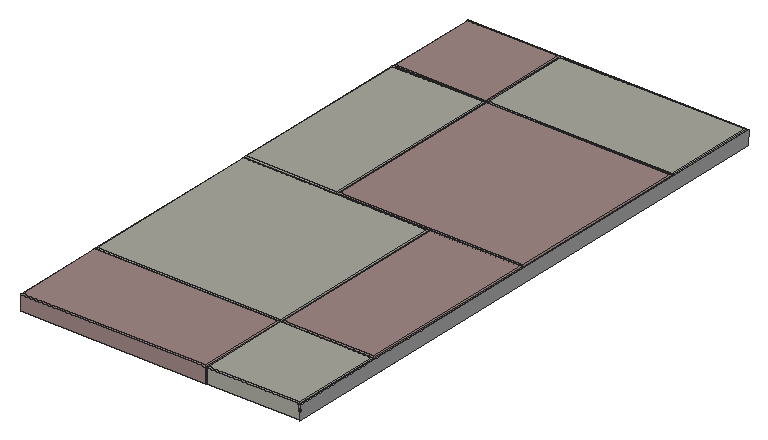
Revit family "06f6e152-8e81-4660-b922-8700d7fc0c3d", category Site, Revit 2016
Family settings
  Part Type = Normal
  Round Connector Dimension = Use Diameter
  Work Plane-Based = No
  Always vertical = Yes
  Cut with Voids When Loaded = No
  Shared = No
Parameters (values of type "1400 Color Option 3")
  URL = "stepstoneinc.com"
  Surface Finish = "Integral"  # constant formula
  Subcategory = "CalArc Pavers"  # constant formula
  Revit Object Download Link = "http://library.smartbim.com/download/Paver-Assembly-Calarc_Pavers-Stepstone-Small-Ashlar_Pattern-3"
  Product Page URL = "http://www.stepstoneinc.com/pavers-calarc-sizes.php"
  Paver C Pattern = Concrete - Stepstone - Almond1406
  Paver Block B = no
  Paver Block A = yes
  Paver B Pattern = Concrete - Stepstone - Almond1406
  Paver A Pattern = Concrete - Stepstone - Brick1416
  Model = "Small Ashlar Pattern"  # constant formula
  Manufacturer Toll Free Phone = "800.572.9029"  # constant formula
  Manufacturer Phone = "310.327.7474"  # constant formula
  Manufacturer Fax = "310.217.1424"  # constant formula
  Manufacturer Email = "mailto:sales@stepstoneinc.com"
  Manufacturer Address = "13242 S Figueroa St, Los Angeles 90061"  # constant formula
  Manufacturer = "Stepstone, Inc"  # constant formula
  Description = "Small Ashlar Pattern Guide"  # constant formula
  95 CSI = ""
  04 CSI = ""
Types (8): name | Paver C Pattern | Paver Block B | Paver B Pattern | Paver A Pattern
  (no name) | Concrete - Stepstone - Granada1801 | yes | Concrete - Stepstone - Granada1801 | Concrete - Stepstone - Almond1806
  1800 Color Option 3 | Concrete - Stepstone - French1804 | yes | Concrete - Stepstone - Porcelain1813 | Concrete - Stepstone - Granada1801
  1800 Color Option 1 | Concrete - Stepstone - Granada1801 | yes | Concrete - Stepstone - Granada1801 | Concrete - Stepstone - Almond1806
  1800 Color Option 2 | Concrete - Stepstone - Almond1806 | no | Concrete - Stepstone - Almond1806 | Concrete - Stepstone - Iceberg1805
  1800 Color Option 4 | Concrete - Stepstone - Granada1801 | yes | Concrete - Stepstone - Iceberg1805 | Concrete - Stepstone - Pebble 1824
  1400 Color Option 1 | Concrete - Stepstone - Caramel1410 | yes | Concrete - Stepstone - Granada1401 | Concrete - Stepstone - Iceberg1405
  1400 Color Option 2 | Concrete - Stepstone - Almond1406 | no | Concrete - Stepstone - Almond1406 | Concrete - Stepstone - Cafe1407
  1400 Color Option 3 | Concrete - Stepstone - Almond1406 | no | Concrete - Stepstone - Almond1406 | Concrete - Stepstone - Brick1416
Reference planes (in)
  plane 1 "Center (Front/Back)": y = 0
  plane 2: z = 0
  plane 3 "Center (Left/Right)": x = 0
  plane 4: y = -35.90625
  plane 5: x = -18.03125
  plane 6: x = 18.09375
  plane 7: y = 36.34375
Forms (in)
  Extrusion 1, solid, material "Grout - Dark Gray"
    sketch origin (-5.96875, 0.03125, 0) x (0, 1, 0) y (0, 0, 1)
      loop
        line (-23.8291, 1.87815) -> (-23.9834, 1.87815) -> (-23.9375, 0) -> (-23.875, 0) -> (-23.8291, 1.87815)
      loop
        line (0.2334, 1.87815) -> (0.0791, 1.87815) -> (0.125, 0) -> (0.1875, 0) -> (0.2334, 1.87815)
      loop
        line (24.2959, 1.87815) -> (24.1416, 1.87815) -> (24.1875, 0) -> (24.25, 0) -> (24.2959, 1.87815)
    from -12.0625 to 24
  Extrusion 2, solid, material "Grout - Dark Gray"
    sketch origin (-5.96875, 0.03125, 0) x (1, 0, 0) y (0, 0, 1)
      loop
        line (-0.0625, 0) -> (0, 0) -> (0.0459, 1.87815) -> (-0.1084, 1.87815) -> (-0.0625, 0)
    from -36.25 to -0.1875
  Extrusion 3, solid, material "Grout - Dark Gray"
    sketch origin (-5.96875, 0.03125, 0) x (1, 0, 0) y (0, 0, 1)
      loop
        line (12.0459, 1.87815) -> (11.8916, 1.87815) -> (11.9375, 0) -> (12, 0) -> (12.0459, 1.87815)
    from -0.13496 to 35.9375
  Extrusion 4, solid, material "Grout - Dark Gray"
    sketch origin (-5.96875, 0.03125, 0) x (1, 0, 0) y (0, 0, 1)
      loop
        line (24, 0) -> (24.0625, 0) -> (24.1084, 1.87815) -> (23.9541, 1.87815) -> (24, 0)
    from -36.25 to 35.9375
  Extrusion 5, solid, material "Grout - Dark Gray"
    sketch origin (-5.96875, 0.03125, 0) x (0, 1, 0) y (0, 0, 1)
      loop
        line (36.2041, 1.87815) -> (36.25, 0) -> (36.3125, 0) -> (36.3584, 1.87815) -> (36.2041, 1.87815)
    from -12.0625 to 24
  Blend 6, solid, material "Grout - Dark Gray"
    base sketch origin (-5.96875, 0.03125, 0) x (1, 0, 0) y (0, 1, 0)
      loop
        line (24, 36.25) -> (24.0625, 36.25) -> (24.0625, 36.3125) -> (24, 36.3125) -> (24, 36.25)
    top sketch origin (-5.96875, 0.03125, 0) x (1, 0, 0) y (0, 1, 0)
      loop
        line (24, 36.25) -> (24.1084, 36.25) -> (24.1084, 36.3584) -> (24, 36.3584) -> (24, 36.25)
    from 0 to 1.87815
Cuts and joins
  joined: Extrusion 1, Extrusion 2, Extrusion 3, Extrusion 4, Extrusion 5, Blend 6
Dimensions and locks (in)
  aligned and locked: plane 2 to level
  aligned and locked: nested 1 to Extrusion 2
  aligned and locked: Extrusion 2 to nested 2
  aligned and locked: nested 6 to Extrusion 3
  aligned and locked: nested 1 to Extrusion 5
  aligned and locked: Blend 6 to level
Nested families (in)
  nested 1: "Paver-Stepstone-CalArc-12x24x2" at (6.03125, 30.28125, 0), Unit <- "Paver C Pattern", type "Standard"
    with Unit Concrete - Stepstone - Almond1406
  nested 2: "Paver-Large_Scale-Stepstone-CalArc-24X24X2" at (6.03125, 12.21875, 0), Unit <- "Paver A Pattern", type "Paver"
    with Unit Concrete - Stepstone - Brick1416
  nested 3: "Paver-Stepstone-CalArc-12x12x2" at (-12.03125, 30.28125, 0), Unit <- "Paver A Pattern", type "Standard"
    with Unit Concrete - Stepstone - Brick1416
  nested 4: "Paver-Stepstone-CalArc-12x24x2" at (-12.03125, 12.21875, 0) x (0, 1, 0) z (0, 0, 1), Unit <- "Paver C Pattern", type "Standard"
    with Unit Concrete - Stepstone - Almond1406
  nested 5: "Paver-Large_Scale-Stepstone-CalArc-24X24X2" at (-6.03125, -11.84375, 0), Unit <- "Paver B Pattern", type "Standard"
    with Unit Concrete - Stepstone - Almond1406
  nested 6: "Paver-Stepstone-CalArc-12x24x2" at (-6.03125, -29.90625, 0), Unit <- "Paver A Pattern", type "Standard"
    with Unit Concrete - Stepstone - Brick1416
  nested 7: "Paver-Stepstone-CalArc-12x24x2" at (12.03125, -11.84375, 0) x (0, 1, 0) z (0, 0, 1), Unit <- "Paver A Pattern", type "Standard"
    with Unit Concrete - Stepstone - Brick1416
  nested 8: "Paver-Stepstone-CalArc-12x12x2" at (12.03125, -29.90625, 0), Unit <- "Paver C Pattern", type "Standard"
    with Unit Concrete - Stepstone - Almond1406
Definition of nested family "Paver-Stepstone-CalArc-12x24x2"
  Parameters
    ecoScorecard data = ""
    ecoScorecard Product Page = ""
    Weight = 0.056 kip  # constant formula
    Warranty = "5 Year Limited"  # constant formula
    Unit [instance] = none
    URL = "stepstoneinc.com"
    Thickness = 2"  # constant formula
    Texture = "Sandblast"  # constant formula
    Technical Information = "http://www.stepstoneinc.com/docs/Stepstone_Product_Data_Sheet-California_Architectual_(CalArc)_Paver.pdf"
    Surface Finish = "Painted"  # constant formula
    Subcategory = "CalArc"  # constant formula
    Revit Object Download Link = "http://library.smartbim.com/download/Paver-Stepstone-CalArc-12x24x2"
    Product Page URL = "http://www.stepstoneinc.com/calarc-pavers.php"
    Product Name = "Large Scale CalArc Paver"  # constant formula
    Product Line = "Pavers"  # constant formula
    Nominal Width = 24"  # constant formula
    Nominal Length = 12"  # constant formula
    Model = "12In x 24In x 2In"  # constant formula
    Material = "Precast Concrete"  # constant formula
    Manufacturer Toll Free Phone = "800.572.9029"  # constant formula
    Manufacturer Phone = "310.327.7474"  # constant formula
    Manufacturer Fax = "310.217.1424"  # constant formula
    Manufacturer Email = "mailto:sales@stepstoneinc.com"
    Manufacturer Address = "13249 S Figueroa St, Los Angeles 90061"  # constant formula
    Manufacturer = "Stepstone, Inc"  # constant formula
    Maintenance URL = ""
    Installation URL = ""
    Description = "Precast Concrete Paver"  # constant formula
    Cost Info = ""
    Color Availability = "Standard & Custom"  # constant formula
    95 CSI = ""
    04 CSI = ""
  Reference planes (in)
    plane 1 "Center Front/Back": y = 0
    plane 2: z = 0
    plane 3 "Center Left/Right": x = 0
    plane 4: x = -12
    plane 5: x = 12
    plane 6: y = 6
    plane 7: y = -6
    plane 8: z = 2
  Dimensions and locks (in)
    equal spacing: plane 4, plane 3 "Center Left/Right", plane 5
    "Nominal Width": plane 4 to plane 5
    equal spacing: plane 7, plane 1 "Center Front/Back", plane 6
    "Nominal Length": plane 6 to plane 7
    plane 5 to plane 4 = 24"
    plane 6 to plane 7 = 12"
    "Thickness": plane 8 to level
    aligned and locked: level to plane 2
    aligned and locked: plane 3 "Center Left/Right" to nested 1
    aligned and locked: plane 1 "Center Front/Back" to nested 1
  Nested families (in)
    nested 1: "12X24X2" at (0, 0, 0), type "12X24X2"
  Definition of nested family "12X24X2"
    Parameters
      Width = 24"
      Unit = none
      Depth = 12"
    Reference planes (in)
      plane 1 "Center (Front/Back)": y = 0
      plane 2: z = 0
      plane 3 "Center (Left/Right)": x = 0
      plane 4: x = -12
      plane 5: x = 12
      plane 6: y = 6
      plane 7: y = -6
    Forms (in)
      Sweep 1, solid, material <- "Unit"
        path origin (0, 0, 0) x (1, 0, 0) y (0, 1, 0)
          loop
            line (-12, 6) -> (-12, -6) -> (12, -6) -> (12, 6) -> (-12, 6)
        profile origin (0, 6, 0) x (0, 1, 0) y (0, 0, 1)
          loop
            line (0, 0) -> (-0.0459, 1.87815)
            arc (-0.0459, 1.87815) -> (-0.08353, 1.96449) -> (-0.17076, 2) r 0.1249
            line (-0.17076, 2) -> (-0.26501, 2) -> (-0.26501, 0) -> (0, 0)
      Extrusion 2, solid, material <- "Unit"
        sketch origin (0, 0, 0) x (1, 0, 0) y (0, 1, 0)
          loop
            line (-11.73499, 5.73499) -> (-11.73499, -5.73499) -> (11.73499, -5.73499) -> (11.73499, 5.73499) -> (-11.73499, 5.73499)
        from 0 to 2
    Cuts and joins
      joined: Sweep 1, Extrusion 2
    Dimensions and locks (in)
      equal spacing: plane 6, plane 1 "Center (Front/Back)", plane 7
      equal spacing: plane 4, plane 3 "Center (Left/Right)", plane 5
      "Width": plane 5 to plane 4
      "Depth": plane 6 to plane 7
      aligned and locked: plane 2 to level
    Automatic sketch dimensions
      plane 4 to Sweep 1 sketch curve = 0"
      Sweep 1 sketch curve to plane 5 = 0"
      plane 7 to Sweep 1 sketch curve = 0"
      Sweep 1 sketch curve to plane 6 = 0"
      plane 4 to Extrusion 2 sketch curve = 0.26501"
      Extrusion 2 sketch curve to plane 5 = 0.26501"
      plane 7 to Extrusion 2 sketch curve = 0.26501"
      Extrusion 2 sketch curve to plane 6 = 0.26501"
      Sweep 1 sketch curve to level = 0"
      Sweep 1 sketch curve to profile plane = 0"
      profile plane to Sweep 1 sketch curve = 0.0459"
      Sweep 1 sketch curve to Sweep 1 sketch curve = 0.12486"
      Sweep 1 sketch curve to Sweep 1 sketch curve = 0.09425"
      level to Sweep 1 sketch curve = 1.8751"
      Sweep 1 sketch curve to Sweep 1 sketch curve = 0.00305"
Definition of nested family "Paver-Large_Scale-Stepstone-CalArc-24X24X2"
  Parameters
    ecoScorecard data = ""
    ecoScorecard Product Page = ""
    Weight = 0.088 kip  # constant formula
    Warranty = "5 Year Limited"  # constant formula
    Unit [instance] = none
    URL = "stepstoneinc.com"
    Thickness = 2"  # constant formula
    Texture = "Sandblast"  # constant formula
    Technical Information = "http://www.stepstoneinc.com/docs/Stepstone_Product_Data_Sheet-Large_Scale_Narrow_Modular_Paver.pdf"
    Surface Finish = "Painted"  # constant formula
    Subcategory = "Large Scale CalArc"  # constant formula
    Revit Object Download Link = "http://library.smartbim.com/download/Paver-Large_Scale-Stepstone-CalArc-24X24X2"
    Product Page URL = "http://www.stepstoneinc.com/large-scale-narrow-modular-pavers.php"
    Product Name = "Large Scale CalArc Paver"  # constant formula
    Product Line = "Pavers"  # constant formula
    Paver Block = yes
    Nominal Width = 24"  # constant formula
    Nominal Length = 24"  # constant formula
    Model = "24In x 24In x 2In"  # constant formula
    Material = "Precast Concrete"  # constant formula
    Manufacturer Toll Free Phone = "800.572.9029"  # constant formula
    Manufacturer Phone = "310.327.7474"  # constant formula
    Manufacturer Fax = "310.217.1424"  # constant formula
    Manufacturer Email = "mailto:sales@stepstoneinc.com"
    Manufacturer Address = "13254 S Figueroa St, Los Angeles 90061"  # constant formula
    Manufacturer = "Stepstone, Inc"  # constant formula
    Maintenance URL = ""
    Installation URL = ""
    Description = "Precast Concrete Paver"  # constant formula
    Cost Info = ""
    Color Availability = "Standard & Custom"  # constant formula
    95 CSI = ""
    04 CSI = ""
  Reference planes (in)
    plane 1 "Center Front/Back": y = 0
    plane 2: z = 0
    plane 3 "Center Left/Right": x = 0
    plane 4: x = -12
    plane 5: x = 12
    plane 6: y = 12
    plane 7: y = -12
    plane 8: z = 2
  Dimensions and locks (in)
    equal spacing: plane 4, plane 3 "Center Left/Right", plane 5
    "Nominal Width": plane 4 to plane 5
    equal spacing: plane 7, plane 1 "Center Front/Back", plane 6
    "Nominal Length": plane 6 to plane 7
    plane 5 to plane 4 = 24"
    plane 6 to plane 7 = 24"
    plane 8 to level = 2"
    aligned and locked: level to plane 2
    aligned and locked: plane 3 "Center Left/Right" to nested 1
    aligned and locked: plane 1 "Center Front/Back" to nested 1
  Nested families (in)
    nested 1: "24X24X2" at (0, 0, 0), visible <- "Paver Block", type "24X24X2"
  Definition of nested family "24X24X2"
    Parameters
      Width = 24"
      Unit = none
      Thickness = 2"
      Depth = 24"
    Reference planes (in)
      plane 1 "Center (Front/Back)": y = 0
      plane 2: z = 0
      plane 3 "Center (Left/Right)": x = 0
      plane 4: x = -12
      plane 5: x = 12
      plane 6: y = 12
      plane 7: y = -12
      plane 8: z = 2
    Forms (in)
      Sweep 1, solid, material <- "Unit"
        path origin (0, 0, 0) x (1, 0, 0) y (0, 1, 0)
          loop
            line (-12, 12) -> (-12, -12) -> (12, -12) -> (12, 12) -> (-12, 12)
        profile origin (0, 12, 0) x (0, 1, 0) y (0, 0, 1)
          loop
            line (0, 0) -> (-0.0459, 1.87815)
            arc (-0.0459, 1.87815) -> (-0.08353, 1.96449) -> (-0.17076, 2) r 0.1249
            line (-0.17076, 2) -> (-0.27723, 2) -> (-0.27723, 0) -> (0, 0)
      Extrusion 2, solid, material <- "Unit"
        sketch origin (0, 0, 0) x (1, 0, 0) y (0, 1, 0)
          loop
            line (-11.72277, 11.72277) -> (-11.72277, -11.72277) -> (11.72277, -11.72277) -> (11.72277, 11.72277) -> (-11.72277, 11.72277)
        from 0 to 2
    Cuts and joins
      joined: Sweep 1, Extrusion 2
    Dimensions and locks (in)
      equal spacing: plane 6, plane 1 "Center (Front/Back)", plane 7
      equal spacing: plane 4, plane 3 "Center (Left/Right)", plane 5
      "Width": plane 5 to plane 4
      "Depth": plane 6 to plane 7
      "Thickness": plane 8 to level
      aligned and locked: plane 2 to level
      aligned and locked: Sweep 1 sketch curve to plane 8
    Automatic sketch dimensions
      plane 4 to Sweep 1 sketch curve = 0"
      Sweep 1 sketch curve to plane 5 = 0"
      plane 7 to Sweep 1 sketch curve = 0"
      Sweep 1 sketch curve to plane 6 = 0"
      plane 4 to Extrusion 2 sketch curve = 0.27723"
      Extrusion 2 sketch curve to plane 5 = 0.27723"
      plane 7 to Extrusion 2 sketch curve = 0.27723"
      Extrusion 2 sketch curve to plane 6 = 0.27723"
      Sweep 1 sketch curve to level = 0"
      Sweep 1 sketch curve to profile plane = 0"
      profile plane to Sweep 1 sketch curve = 0.0459"
      Sweep 1 sketch curve to Sweep 1 sketch curve = 0.12486"
      Sweep 1 sketch curve to Sweep 1 sketch curve = 0.10647"
      Sweep 1 sketch curve to Sweep 1 sketch curve = 0.00305"
Definition of nested family "Paver-Stepstone-CalArc-12x12x2"
  Parameters
    ecoScorecard data = ""
    ecoScorecard Product Page = ""
    Weight = 0.028 kip  # constant formula
    Warranty = "5 Year Limited"  # constant formula
    Unit [instance] = none
    URL = "stepstoneinc.com"
    Thickness = 2"  # constant formula
    Texture = "Sandblast"  # constant formula
    Technical Information = "http://www.stepstoneinc.com/docs/Stepstone_Product_Data_Sheet-California_Architectual_(CalArc)_Paver.pdf"
    Surface Finish = "Painted"  # constant formula
    Subcategory = "CalArc"  # constant formula
    Revit Object Download Link = "http://library.smartbim.com/download/Paver-Stepstone-CalArc-12x12x2"
    Product Page URL = "http://www.stepstoneinc.com/calarc-pavers.php"
    Product Name = "Large Scale CalArc Paver"  # constant formula
    Product Line = "Pavers"  # constant formula
    Nominal Width = 12"  # constant formula
    Nominal Length = 12"  # constant formula
    Model = "12In x 12In x 2In"  # constant formula
    Material = "Precast Concrete"  # constant formula
    Manufacturer Toll Free Phone = "800.572.9029"  # constant formula
    Manufacturer Phone = "310.327.7474"  # constant formula
    Manufacturer Fax = "310.217.1424"  # constant formula
    Manufacturer Email = "mailto:sales@stepstoneinc.com"
    Manufacturer Address = "13247 S Figueroa St, Los Angeles 90061"  # constant formula
    Manufacturer = "Stepstone, Inc"  # constant formula
    Maintenance URL = ""
    Installation URL = ""
    Description = "Precast Concrete Paver"  # constant formula
    Cost Info = ""
    Color Availability = "Standard & Custom"  # constant formula
    95 CSI = ""
    04 CSI = ""
  Reference planes (in)
    plane 1 "Center Front/Back": y = 0
    plane 2: z = 0
    plane 3 "Center Left/Right": x = 0
    plane 4: x = -6
    plane 5: x = 6
    plane 6: y = 6
    plane 7: y = -6
    plane 8: z = 2
  Dimensions and locks (in)
    equal spacing: plane 4, plane 3 "Center Left/Right", plane 5
    "Nominal Width": plane 4 to plane 5
    equal spacing: plane 7, plane 1 "Center Front/Back", plane 6
    "Nominal Length": plane 6 to plane 7
    plane 5 to plane 4 = 12"
    plane 6 to plane 7 = 12"
    "Thickness": plane 8 to level
    aligned and locked: level to plane 2
    aligned and locked: plane 3 "Center Left/Right" to nested 1
    aligned and locked: plane 1 "Center Front/Back" to nested 1
  Nested families (in)
    nested 1: "12X12X2" at (0, 0, 0), type "12X12X2"
  Definition of nested family "12X12X2"
    Parameters
      Width = 12"
      Unit = none
      Depth = 12"
    Reference planes (in)
      plane 1 "Center (Front/Back)": y = 0
      plane 2: z = 0
      plane 3 "Center (Left/Right)": x = 0
      plane 4: x = -6
      plane 5: x = 6
      plane 6: y = 6
      plane 7: y = -6
    Forms (in)
      Sweep 1, solid, material <- "Unit"
        path origin (0, 0, 0) x (1, 0, 0) y (0, 1, 0)
          loop
            line (-6, 6) -> (-6, -6) -> (6, -6) -> (6, 6) -> (-6, 6)
        profile origin (0, 6, 0) x (0, 1, 0) y (0, 0, 1)
          loop
            line (0, 0) -> (-0.0459, 1.87815)
            arc (-0.0459, 1.87815) -> (-0.08353, 1.96449) -> (-0.17076, 2) r 0.1249
            line (-0.17076, 2) -> (-0.26501, 2) -> (-0.26501, 0) -> (0, 0)
      Extrusion 2, solid, material <- "Unit"
        sketch origin (0, 0, 0) x (1, 0, 0) y (0, 1, 0)
          loop
            line (-5.73499, 5.73499) -> (-5.73499, -5.73499) -> (5.73499, -5.73499) -> (5.73499, 5.73499) -> (-5.73499, 5.73499)
        from 0 to 2
    Cuts and joins
      joined: Sweep 1, Extrusion 2
    Dimensions and locks (in)
      equal spacing: plane 6, plane 1 "Center (Front/Back)", plane 7
      equal spacing: plane 4, plane 3 "Center (Left/Right)", plane 5
      "Width": plane 5 to plane 4
      "Depth": plane 6 to plane 7
      aligned and locked: plane 2 to level
    Automatic sketch dimensions
      plane 4 to Sweep 1 sketch curve = 0"
      Sweep 1 sketch curve to plane 5 = 0"
      plane 7 to Sweep 1 sketch curve = 0"
      Sweep 1 sketch curve to plane 6 = 0"
      plane 4 to Extrusion 2 sketch curve = 0.26501"
      Extrusion 2 sketch curve to plane 5 = 0.26501"
      plane 7 to Extrusion 2 sketch curve = 0.26501"
      Extrusion 2 sketch curve to plane 6 = 0.26501"
      Sweep 1 sketch curve to level = 0"
      Sweep 1 sketch curve to profile plane = 0"
      profile plane to Sweep 1 sketch curve = 0.0459"
      Sweep 1 sketch curve to Sweep 1 sketch curve = 0.12486"
      Sweep 1 sketch curve to Sweep 1 sketch curve = 0.09425"
      level to Sweep 1 sketch curve = 1.8751"
      Sweep 1 sketch curve to Sweep 1 sketch curve = 0.00305"
